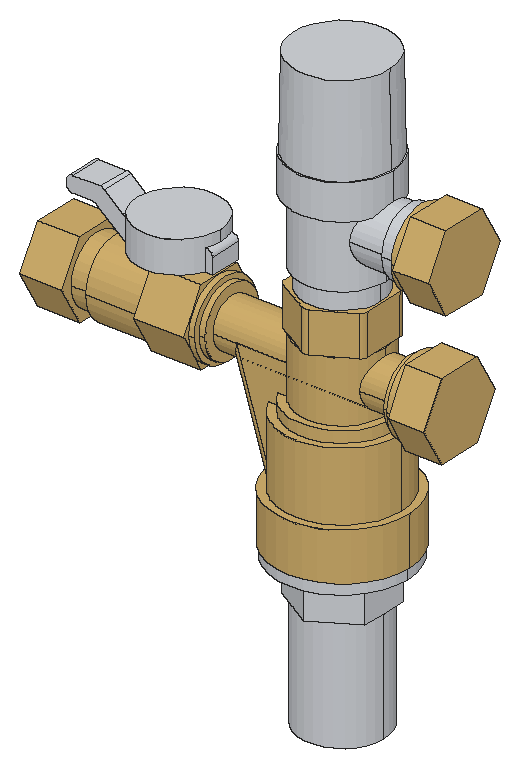
Revit family
Parameters (values of type "KHN3.206")
  URL = "http://www.autospec.co.za/browse.php?id=1644179288"
  Radius of Pipe = Diameter of Pipe / 2  # 7.5 mm
  Product Code = "KHN3.206"
  Pressure Rating = 600 kPa
  OmniClass Title = ""
  OmniClass Number = ""
  Modspec Classification = ""
  Specification = ""
  Location (revit room) = ""
  Model = "Pressure Control Multi Valve KHN3.206"
  Manufacturer = "Kwikot"  # constant formula
  Material = DZR Brass
  Diameter of Pipe = 15 mm
  Colour = none
  Body Finish = none
  Assembly Code = "D2090800"
Reference planes
  plane 1 "Center (Front/Back)": y = 0
  plane 2: z = 0
  plane 3 "Center (Left/Right)": x = 0
  plane 4: z = -100
  plane 5: z = 88
  plane 6: z = -65
  plane 7: x = 13
  plane 8: x = -13
  plane 9: z = -49.4
  plane 10: z = -34.4
  plane 11: z = -52.865
  plane 12: z = -12.9
  plane 13: z = -9.4
  plane 14: z = 9.6
  plane 15: z = 22.1
  plane 16: z = 28.1
  plane 17: z = 49
  plane 18: z = 60
  plane 19: x = 21.5
  plane 20: x = -34.5
  plane 21: x = 36.5
  plane 22: x = -54
  plane 23: x = 23.5
  plane 24: x = 25.5
  plane 25: x = -36.5
  plane 26: x = -38.5
  plane 27: z = 42
  plane 28: x = 38
  plane 29: x = 27
  plane 30: x = -70.5
  plane 31: x = -76.5
  plane 32: x = -89.5
  plane 33: x = -51
  plane 34: x = -26.5
Forms (mm)
  Extrusion 1, solid, detail levels fine
    sketch origin (-440, -1524, -100) x (-1, 0, 0) y (0, -1, 0)
      loop
        circle (-440, -1524) r 13
    from 0 to 35
  Extrusion 2, solid, detail levels fine
    sketch origin (-440, -1524, -65) x (-1, 0, 0) y (0, -1, 0)
      loop
        line (-453, -1531.506) -> (-440, -1539.011) -> (-427, -1531.506) -> (-427, -1516.494) -> (-440, -1508.989) -> (-453, -1516.494) -> (-453, -1531.506)
    from 0 to 12.135
  Extrusion 3, solid, detail levels fine
    sketch origin (-20.969, -1524, -52.865) x (-1, 0, 0) y (0, -1, 0)
      loop
        circle (-20.969, -1524) r 20.5
    from 0 to 3.465
  Extrusion 4, solid, material "DZR Brass" <- "Material", detail levels fine
    sketch origin (-165.612, -1524, -49.4) x (-1, 0, 0) y (0, -1, 0)
      loop
        circle (-165.612, -1524) r 21
    from 0 to 15
  Extrusion 5, solid, material "DZR Brass" <- "Material", detail levels fine
    sketch origin (0, 0, 0) x (0, 1, 0) y (0, 0, 1)
      loop
        circle (0, 0) r 7.5
    from 21.5 to -34.5
  Extrusion 6, solid, material "DZR Brass" <- "Material", detail levels fine
    sketch origin (-165.612, -1524, -34.4) x (-1, 0, 0) y (0, -1, 0)
      loop
        circle (-165.612, -1524) r 18.5
    from 0 to 21.5
  Extrusion 7, solid, material "DZR Brass" <- "Material", detail levels fine
    sketch origin (-60.699, -1524, -12.9) x (-1, 0, 0) y (0, -1, 0)
      loop
        circle (-60.699, -1524) r 16
    from 0 to 3.5
  Extrusion 8, solid, material "DZR Brass" <- "Material", detail levels fine
    sketch origin (-60.699, -1524, -9.4) x (-1, 0, 0) y (0, -1, 0)
      loop
        circle (-60.699, -1524) r 13.5
    from 0 to 19
  Blend 9, solid, material "DZR Brass" <- "Material", detail levels fine
    base sketch origin (-60.699, -1524, -9.4) x (-1, 0, 0) y (0, -1, 0)
      loop
        arc (-33.817, -1531.5) -> (-32.08, -1530.945) -> (-30.984, -1529.487) r 3
        arc (-30.984, -1529.487) -> (-29.942, -1523.968) -> (-31.003, -1518.452) r 15
        arc (-31.003, -1518.452) -> (-32.103, -1517.036) -> (-33.814, -1516.5) r 3
        line (-33.814, -1516.5) -> (-55.873, -1516.5) -> (-55.873, -1531.5) -> (-33.817, -1531.5)
    top sketch origin (-60.699, -1524, -9.4) x (-1, 0, 0) y (0, -1, 0)
      loop
        line (-55.873, -1531.5) -> (-44.824, -1531.5)
        arc (-44.824, -1531.5) -> (-43.015, -1530.893) -> (-41.938, -1529.318) r 3
        arc (-41.938, -1529.318) -> (-41.199, -1524) -> (-41.938, -1518.682) r 19.5
        arc (-41.938, -1518.682) -> (-43.015, -1517.107) -> (-44.824, -1516.5) r 3
        line (-44.824, -1516.5) -> (-55.873, -1516.5) -> (-55.873, -1531.5)
    from 9.4 to -25.5
  Extrusion 10, solid, material "DZR Brass" <- "Material", detail levels fine
    sketch origin (-60.699, -1524, 9.6) x (-1, 0, 0) y (0, -1, 0)
      loop
        line (-72.699, -1532.083) -> (-61.699, -1538.434)
        arc (-61.699, -1538.434) -> (-60.699, -1538.702) -> (-59.699, -1538.434) r 2
        line (-59.699, -1538.434) -> (-48.699, -1532.083)
        arc (-48.699, -1532.083) -> (-47.967, -1531.351) -> (-47.699, -1530.351) r 2
        line (-47.699, -1530.351) -> (-47.699, -1517.649)
        arc (-47.699, -1517.649) -> (-47.967, -1516.649) -> (-48.699, -1515.917) r 2
        line (-48.699, -1515.917) -> (-59.699, -1509.566)
        arc (-59.699, -1509.566) -> (-60.699, -1509.298) -> (-61.699, -1509.566) r 2
        line (-61.699, -1509.566) -> (-72.699, -1515.917)
        arc (-72.699, -1515.917) -> (-73.431, -1516.649) -> (-73.699, -1517.649) r 2
        line (-73.699, -1517.649) -> (-73.699, -1530.351)
        arc (-73.699, -1530.351) -> (-73.431, -1531.351) -> (-72.699, -1532.083) r 2
    from 0 to 12.5
  Extrusion 11, solid, detail levels fine
    sketch origin (-60.699, -1524, 22.1) x (-1, 0, 0) y (0, -1, 0)
      loop
        circle (-60.699, -1524) r 12.2
    from 0 to 6
  Extrusion 12, solid, detail levels fine
    sketch origin (-60.699, -1524, 28.1) x (-1, 0, 0) y (0, -1, 0)
      loop
        circle (-60.699, -1524) r 13.5
    from 0 to 20.9
  Extrusion 13, solid, detail levels fine
    sketch origin (-60.699, -1524, 49) x (-1, 0, 0) y (0, -1, 0)
      loop
        circle (-60.699, -1524) r 16
    from 0 to 11
  Blend 14, solid, detail levels fine
    base sketch origin (-60.699, -1524, 60) x (-1, 0, 0) y (0, -1, 0)
      loop
        circle (-60.699, -1524) r 15.5
    top sketch origin (-60.699, -1524, 60) x (-1, 0, 0) y (0, -1, 0)
      loop
        circle (-60.699, -1524) r 15
    from 0 to 28
  Extrusion 15, solid, material "DZR Brass" <- "Material", detail levels fine
    sketch origin (21.5, -1524, -21.263) x (0, 0, -1) y (0, -1, 0)
      loop
        circle (-21.263, -1524) r 10.5
    from 0 to -2
  Extrusion 16, solid, material "DZR Brass" <- "Material", detail levels fine
    sketch origin (-34.5, -1524, -21.263) x (0, 0, -1) y (0, -1, 0)
      loop
        circle (-21.263, -1524) r 10.5
    from 0 to 2
  Extrusion 17, solid, material "DZR Brass" <- "Material", detail levels fine
    sketch origin (21.5, -1524, -21.263) x (0, 0, -1) y (0, -1, 0)
      loop
        circle (-21.263, -1524) r 12
    from -2 to -4
  Extrusion 18, solid, material "DZR Brass" <- "Material", detail levels fine
    sketch origin (-34.5, -1524, -21.263) x (0, 0, -1) y (0, -1, 0)
      loop
        circle (-21.263, -1524) r 12
    from 2 to 4
  Extrusion 19, solid, material "DZR Brass" <- "Material", detail levels fine
    sketch origin (25.5, -1524, -21.263) x (0, 0, -1) y (0, -1, 0)
      loop
        line (-9.263, -1517.072) -> (-21.263, -1510.144) -> (-33.263, -1517.072) -> (-33.263, -1530.928) -> (-21.263, -1537.856) -> (-9.263, -1530.928) -> (-9.263, -1517.072)
    from 0 to -11
  Extrusion 20, solid, material "DZR Brass" <- "Material", detail levels fine
    sketch origin (-38.5, -1524, -21.263) x (0, 0, -1) y (0, -1, 0)
      loop
        line (-33.263, -1517.072) -> (-33.263, -1530.928) -> (-21.263, -1537.856) -> (-9.263, -1530.928) -> (-9.263, -1517.072) -> (-21.263, -1510.144) -> (-33.263, -1517.072)
    from 0 to 15.5
  Extrusion 21, solid, detail levels fine
    sketch origin (0, 0, 0) x (0, 1, 0) y (0, 0, 1)
      loop
        circle (0, 42) r 9.5
    from 0 to 20.8
  Extrusion 22, solid, detail levels fine
    sketch origin (0, 0, 0) x (0, 1, 0) y (0, 0, 1)
      loop
        circle (0, 42) r 10.45
    from 20.8 to 25
  Extrusion 23, solid, material "DZR Brass" <- "Material", detail levels fine
    sketch origin (0, 0, 0) x (0, 1, 0) y (0, 0, 1)
      loop
        circle (0, 42) r 12
    from 25 to 27
  Extrusion 24, solid, material "DZR Brass" <- "Material", detail levels fine
    sketch origin (38, -1524, 66.867) x (0, 0, 1) y (0, -1, 0)
      loop
        line (-12.867, -1517.072) -> (-24.867, -1510.144) -> (-36.867, -1517.072) -> (-36.867, -1530.928) -> (-24.867, -1537.856) -> (-12.867, -1530.928) -> (-12.867, -1517.072)
    from 0 to -11
  Extrusion 25, solid, material "DZR Brass" <- "Material", detail levels fine
    sketch origin (-54, -1524, -24.693) x (0, 0, -1) y (0, -1, 0)
      loop
        circle (-24.693, -1524) r 12
    from 0 to 16.5
  Extrusion 26, solid, material "DZR Brass" <- "Material", detail levels fine
    sketch origin (-70.5, -1524, -24.693) x (0, 0, -1) y (0, -1, 0)
      loop
        circle (-24.693, -1524) r 10.5
    from 0 to 6
  Extrusion 27, solid, material "DZR Brass" <- "Material", detail levels fine
    sketch origin (-76.5, -1524, -152.224) x (0, 0, -1) y (0, -1, 0)
      loop
        line (-164.224, -1530.928) -> (-152.224, -1537.856) -> (-140.224, -1530.928) -> (-140.224, -1517.072) -> (-152.224, -1510.144) -> (-164.224, -1517.072) -> (-164.224, -1530.928)
    from 0 to 13
  Extrusion 28, solid, material "DZR Brass", detail levels fine
    sketch origin (0, 0, 0) x (1, 0, 0) y (0, 1, 0)
      loop
        circle (-51, 0) r 8.25
    from 12 to 14.461
  Extrusion 29, solid, detail levels fine
    sketch origin (0, 0, 0) x (1, 0, 0) y (0, 1, 0)
      loop
        circle (-51, 0) r 13
    from 14.461 to 24.5
  Extrusion 30, solid, detail levels fine
    sketch origin (0, 0, 0) x (1, 0, 0) y (0, 0, 1)
      loop
        line (-38.5, 21.385) -> (-63.155, 21.385)
        arc (-63.155, 21.385) -> (-63.841, 21.506) -> (-64.443, 21.855) r 2
        line (-64.443, 21.855) -> (-70.117, 26.63)
        arc (-70.117, 26.63) -> (-70.719, 26.979) -> (-71.405, 27.1) r 2
        line (-71.405, 27.1) -> (-80.111, 27.1)
        arc (-80.111, 27.1) -> (-81.525, 26.514) -> (-82.111, 25.1) r 2
        line (-82.111, 25.1) -> (-82.111, 24.1)
        arc (-82.111, 24.1) -> (-81.525, 22.686) -> (-80.111, 22.1) r 2
        line (-80.111, 22.1) -> (-73.806, 22.1)
        arc (-73.806, 22.1) -> (-73.12, 21.979) -> (-72.518, 21.63) r 2
        line (-72.518, 21.63) -> (-64, 14.461) -> (-36.5, 14.461) -> (-36.5, 19.385)
        arc (-36.5, 19.385) -> (-37.086, 20.799) -> (-38.5, 21.385) r 2
    from -5 to 5
Cuts and joins
  joined: Extrusion 11, Extrusion 12, Extrusion 13, Blend 14, Extrusion 21, Extrusion 22
  joined: Extrusion 1, Extrusion 2, Extrusion 3
  joined: Extrusion 5, Extrusion 10, Extrusion 15, Extrusion 16, Extrusion 17, Extrusion 18, Extrusion 19, Extrusion 20, Extrusion 25, Extrusion 26, Extrusion 27
  joined: Extrusion 4, Extrusion 6, Extrusion 7, Extrusion 8, Blend 9
  joined: Extrusion 23, Extrusion 24
Lines and regions (mm)
  model lines
    curve 1: line (-26.5, 0, 0) -> (-26.5, 40, 0)
    curve 2: line (-41.5, 40, 0) -> (-11.5, 40, 0)
    curve 3: line (17.5, 0, 0) -> (36.5, 0, 0)
    curve 4: line (-70.5, 0, 0) -> (-89.5, 0, 0)
    curve 5: arc (-41.5, 40, 0) -> (-26.5, 46.771, 0) -> (-11.5, 40, 0) r 20
    curve 6: line (-26.5, 46.771, 0) -> (-26.5, 61.771, 0)
    curve 7: line (-26.5, 61.771, 0) -> (24.587, 61.771, 0)
    curve 8: line (24.587, 61.771, 0) -> (24.587, 0, 0)
    curve 9: line (-70.5, -13.856, 0) -> (-70.5, 13.856, 0)
    curve 10: line (-70.5, 13.856, 0) -> (17.5, -13.856, 0)
    curve 11: line (-70.5, -13.856, 0) -> (17.5, 13.856, 0)
    curve 12: line (17.5, 13.856, 0) -> (17.5, -13.856, 0)
Dimensions and locks
  level to plane 4 = 100 mm
  plane 6 to plane 4 = 35 mm
  plane 8 to plane 7 = 26 mm
  plane 3 "Center (Left/Right)" to plane 19 = 21.5 mm
  plane 20 to plane 19 = 56 mm
  plane 3 "Center (Left/Right)" to plane 21 = 36.5 mm
  plane 22 to plane 3 "Center (Left/Right)" = 54 mm
  plane 27 to plane 2 = 42 mm
  plane 28 to plane 3 "Center (Left/Right)" = 38 mm
  plane 28 to plane 29 = 11 mm
  plane 29 to plane 3 "Center (Left/Right)" = 27 mm
  plane 5 to level = 88 mm
  plane 3 "Center (Left/Right)" to plane 33 = 51 mm
  equal spacing: Blend 9 sketch curve, plane 1 "Center (Front/Back)", Blend 9 sketch curve
  "Radius of Pipe": plane 1 "Center (Front/Back)" to Blend 9 sketch curve
  plane 20 to Blend 9 sketch curve = 3.743 mm
  plane 20 to Blend 9 sketch curve = 15 mm
  radius of Extrusion 1 sketch curve = 13 mm
  "Radius of Pipe": radius of Extrusion 5 sketch curve
  radius of Extrusion 21 sketch curve = 9.5 mm
  radius of Extrusion 23 sketch curve = 12 mm
  radius of Extrusion 22 sketch curve = 10.45 mm
  radius of Extrusion 28 sketch curve = 8.25 mm
  radius of Blend 9 sketch curve = 15 mm
  radius of Blend 9 sketch curve = 3 mm  (x4)
  radius of Blend 9 sketch curve = 19.5 mm
  aligned and locked: level to plane 2
  aligned and locked: plane 6 to Extrusion 1
  aligned and locked: Extrusion 1 to plane 4
  aligned and locked: plane 11 to Extrusion 2
  aligned and locked: Extrusion 2 to plane 6
  aligned and locked: plane 9 to Extrusion 3
  aligned and locked: Extrusion 3 to Extrusion 2
  aligned and locked: plane 10 to Extrusion 4
  aligned and locked: Extrusion 4 to plane 9
  aligned and locked: plane 12 to Extrusion 6
  aligned and locked: Extrusion 6 to plane 10
  aligned and locked: plane 13 to Extrusion 7
  aligned and locked: Extrusion 7 to plane 12
  aligned and locked: plane 14 to Extrusion 8
  aligned and locked: Extrusion 8 to Extrusion 7
  aligned and locked: plane 15 to Extrusion 10
  aligned and locked: Extrusion 10 to Extrusion 8
  aligned and locked: plane 16 to Extrusion 11
  aligned and locked: Extrusion 11 to plane 15
  aligned and locked: plane 17 to Extrusion 12
  aligned and locked: Extrusion 12 to plane 16
  aligned and locked: plane 18 to Extrusion 13
  aligned and locked: Extrusion 13 to plane 17
  aligned and locked: plane 5 to Blend 14
  aligned and locked: Blend 14 to plane 18
  aligned and locked: plane 20 to Extrusion 5
  aligned and locked: Extrusion 5 to plane 19
  aligned: Extrusion 16 sketch curve to Extrusion 15
  aligned and locked: Extrusion 16 sketch curve to Extrusion 15
  aligned and locked: Extrusion 17 to Extrusion 15
  aligned: Extrusion 18 sketch curve to Extrusion 17
  aligned and locked: Extrusion 18 sketch curve to Extrusion 17
  aligned and locked: Extrusion 15 to plane 23
  aligned and locked: plane 23 to Extrusion 17
  aligned and locked: Extrusion 17 to plane 24
  aligned and locked: plane 25 to Extrusion 16
  aligned and locked: Extrusion 18 to Extrusion 16
  aligned and locked: plane 26 to Extrusion 18
  aligned and locked: Extrusion 19 to Extrusion 17
  aligned and locked: Extrusion 19 to plane 21
  aligned and locked: plane 22 to Extrusion 20
  aligned and locked: Extrusion 20 to Extrusion 18
  aligned and locked: plane 1 "Center (Front/Back)" to Extrusion 21 sketch curve
  aligned and locked: plane 27 to Extrusion 21 sketch curve
  aligned and locked: plane 27 to Extrusion 22 sketch curve
  aligned and locked: plane 1 "Center (Front/Back)" to Extrusion 22 sketch curve
  aligned and locked: plane 27 to Extrusion 23 sketch curve
  aligned and locked: plane 1 "Center (Front/Back)" to Extrusion 23 sketch curve
  aligned and locked: plane 29 to Extrusion 23
  aligned and locked: plane 28 to Extrusion 24
  aligned and locked: Extrusion 24 to plane 29
  aligned and locked: Extrusion 25 sketch curve to cut or joined group 1 (Extrusion 5, Extrusion 10, Extrusion 15, Extrusion 16, Extrusion 17, Extrusion 18, Extrusion 19, Extrusion 20, Extrusion 25, Extrusion 26, Extrusion 27)  (x2)
  aligned and locked: plane 30 to Extrusion 25
  aligned and locked: Extrusion 25 to plane 22
  aligned and locked: Extrusion 26 sketch curve to cut or joined group 1  (x2)
  aligned and locked: Extrusion 27 to plane 31
  aligned and locked: plane 32 to Extrusion 27
  aligned and locked: Extrusion 26 to plane 30
  aligned and locked: plane 31 to Extrusion 26
  aligned and locked: Extrusion 25 to Extrusion 26
  aligned and locked: Extrusion 25 to cut or joined group 1
  aligned and locked: plane 33 to Extrusion 28 sketch curve
  aligned and locked: plane 1 "Center (Front/Back)" to Extrusion 28 sketch curve
  aligned and locked: Extrusion 28 to cut or joined group 1
  aligned and locked: plane 33 to Extrusion 29 sketch curve
  aligned and locked: plane 1 "Center (Front/Back)" to Extrusion 29 sketch curve
  aligned and locked: Extrusion 29 to Extrusion 28
  aligned and locked: Extrusion 30 sketch curve to Extrusion 29
  aligned and locked: Blend 9 sketch curve to var sketch  (x2)
  aligned and locked: var sketch to Blend 9 sketch curve
Automatic sketch dimensions
  plane 1 "Center (Front/Back)" to Extrusion 1 sketch curve = 0 mm
  Extrusion 1 sketch curve to plane 3 "Center (Left/Right)" = 0 mm
  Extrusion 2 sketch curve to plane 7 = 0 mm
  Extrusion 2 sketch curve to plane 3 "Center (Left/Right)" = 0 mm  (x2)
  Extrusion 2 sketch curve to plane 8 = 0 mm
  Extrusion 2 sketch curve to plane 1 "Center (Front/Back)" = 15.011 mm
  Extrusion 2 sketch curve to plane 1 "Center (Front/Back)" = 7.506 mm  (x2)
  plane 1 "Center (Front/Back)" to Extrusion 2 sketch curve = 7.506 mm  (x2)
  Extrusion 2 sketch curve to Extrusion 2 sketch curve = 7.506 mm
  plane 1 "Center (Front/Back)" to Extrusion 3 sketch curve = 0 mm
  Extrusion 3 sketch curve to plane 3 "Center (Left/Right)" = 0 mm
  plane 1 "Center (Front/Back)" to Extrusion 4 sketch curve = 0 mm
  Extrusion 4 sketch curve to plane 3 "Center (Left/Right)" = 0 mm
  Extrusion 5 sketch curve to level = 0 mm
  Extrusion 5 sketch curve to plane 1 "Center (Front/Back)" = 0 mm
  plane 1 "Center (Front/Back)" to Extrusion 6 sketch curve = 0 mm
  Extrusion 6 sketch curve to plane 3 "Center (Left/Right)" = 0 mm
  plane 1 "Center (Front/Back)" to Extrusion 7 sketch curve = 0 mm
  Extrusion 7 sketch curve to plane 3 "Center (Left/Right)" = 0 mm
  plane 1 "Center (Front/Back)" to Extrusion 8 sketch curve = 0 mm
  Extrusion 8 sketch curve to plane 3 "Center (Left/Right)" = 0 mm
  Extrusion 10 sketch curve to plane 7 = 0 mm
  Extrusion 10 sketch curve to plane 3 "Center (Left/Right)" = 0 mm  (x2)
  Extrusion 10 sketch curve to plane 8 = 0 mm
  plane 7 to Extrusion 10 sketch curve = 1 mm  (x2)
  Extrusion 10 sketch curve to Extrusion 10 sketch curve = 2 mm  (x2)
  plane 3 "Center (Left/Right)" to Extrusion 10 sketch curve = 1 mm  (x2)
  Extrusion 10 sketch curve to plane 3 "Center (Left/Right)" = 1 mm  (x2)
  Extrusion 10 sketch curve to plane 8 = 2 mm  (x2)
  Extrusion 10 sketch curve to plane 8 = 1 mm  (x2)
  Extrusion 10 sketch curve to plane 1 "Center (Front/Back)" = 14.434 mm
  Extrusion 10 sketch curve to Extrusion 10 sketch curve = 1.732 mm  (x2)
  Extrusion 10 sketch curve to plane 1 "Center (Front/Back)" = 8.083 mm  (x2)
  plane 1 "Center (Front/Back)" to Extrusion 10 sketch curve = 6.351 mm  (x2)
  Extrusion 10 sketch curve to Extrusion 10 sketch curve = 6.351 mm
  plane 1 "Center (Front/Back)" to Extrusion 11 sketch curve = 0 mm
  Extrusion 11 sketch curve to plane 3 "Center (Left/Right)" = 0 mm
  plane 1 "Center (Front/Back)" to Extrusion 12 sketch curve = 0 mm
  Extrusion 12 sketch curve to plane 3 "Center (Left/Right)" = 0 mm
  plane 1 "Center (Front/Back)" to Extrusion 13 sketch curve = 0 mm
  Extrusion 13 sketch curve to plane 3 "Center (Left/Right)" = 0 mm
  plane 1 "Center (Front/Back)" to Blend 14 sketch curve = 0 mm  (x2)
  Blend 14 sketch curve to plane 3 "Center (Left/Right)" = 0 mm  (x2)
  Extrusion 15 sketch curve to level = 0 mm
  Extrusion 15 sketch curve to plane 1 "Center (Front/Back)" = 0 mm
  Extrusion 17 sketch curve to level = 0 mm
  Extrusion 17 sketch curve to plane 1 "Center (Front/Back)" = 0 mm
  Extrusion 19 sketch curve to level = 0 mm  (x2)
  plane 14 to Extrusion 19 sketch curve = 2.4 mm
  plane 12 to Extrusion 19 sketch curve = 0.9 mm
  Extrusion 19 sketch curve to plane 1 "Center (Front/Back)" = 13.856 mm
  Extrusion 19 sketch curve to plane 1 "Center (Front/Back)" = 6.928 mm  (x2)
  plane 1 "Center (Front/Back)" to Extrusion 19 sketch curve = 6.928 mm  (x2)
  plane 1 "Center (Front/Back)" to Extrusion 19 sketch curve = 13.856 mm
  Extrusion 20 sketch curve to level = 0 mm  (x2)
  plane 14 to Extrusion 20 sketch curve = 2.4 mm
  plane 12 to Extrusion 20 sketch curve = 0.9 mm
  Extrusion 20 sketch curve to plane 1 "Center (Front/Back)" = 13.856 mm
  Extrusion 20 sketch curve to plane 1 "Center (Front/Back)" = 6.928 mm  (x2)
  plane 1 "Center (Front/Back)" to Extrusion 20 sketch curve = 6.928 mm  (x2)
  Extrusion 20 sketch curve to Extrusion 20 sketch curve = 6.928 mm
  Extrusion 30 sketch curve to plane 15 = 0 mm
  plane 26 to Extrusion 30 sketch curve = 0 mm
  plane 25 to Extrusion 30 sketch curve = 0 mm
  Extrusion 30 sketch curve to plane 15 = 0.715 mm
  Extrusion 30 sketch curve to plane 30 = 7.345 mm
  Extrusion 30 sketch curve to plane 30 = 6.5 mm
  Extrusion 30 sketch curve to plane 15 = 0.245 mm
  Extrusion 30 sketch curve to Extrusion 30 sketch curve = 1.288 mm  (x2)
  Extrusion 30 sketch curve to plane 30 = 0.383 mm
  plane 30 to Extrusion 30 sketch curve = 0.905 mm
  Extrusion 30 sketch curve to plane 15 = 0.47 mm
  plane 30 to Extrusion 30 sketch curve = 2.018 mm
  plane 31 to Extrusion 30 sketch curve = 3.611 mm  (x2)
  Extrusion 30 sketch curve to plane 16 = 1 mm
  Extrusion 30 sketch curve to Extrusion 30 sketch curve = 2 mm  (x2)
  Blend 9 sketch curve to plane 3 "Center (Left/Right)" = 4.825 mm
  plane 34 to Blend 9 sketch curve = 0.381 mm
  plane 34 to Blend 9 sketch curve = 0.385 mm
  plane 1 "Center (Front/Back)" to Blend 9 sketch curve = 0.007 mm
  plane 1 "Center (Front/Back)" to Blend 9 sketch curve = 0 mm
  Blend 9 sketch curve to Blend 9 sketch curve = 0 mm  (x2)
  curve 4 to plane 1 "Center (Front/Back)" = 0 mm
  curve 4 to plane 32 = 0 mm
  curve 4 to plane 30 = 0 mm
  curve 5 to plane 34 = 0 mm
  plane 1 "Center (Front/Back)" to curve 1 = 0 mm
  curve 1 to plane 34 = 0 mm
  curve 6 to plane 34 = 0 mm
  plane 1 "Center (Front/Back)" to curve 3 = 0 mm
  curve 3 to plane 21 = 0 mm
  plane 26 to curve 5 = 3 mm
  plane 19 to curve 11 = 4 mm
  curve 8 to plane 29 = 2.413 mm
  curve 12 to curve 3 = 13.856 mm
  curve 9 to curve 4 = 13.856 mm
  curve 10 to plane 1 "Center (Front/Back)" = 13.856 mm
  curve 5 to plane 1 "Center (Front/Back)" = 26.771 mm
  curve 5 to curve 2 = 13.229 mm
  curve 6 to curve 7 = 15 mm
  radius of Extrusion 3 sketch curve = 20.5 mm
  radius of Extrusion 4 sketch curve = 21 mm
  radius of Extrusion 6 sketch curve = 18.5 mm
  radius of Extrusion 7 sketch curve = 16 mm
  radius of Extrusion 8 sketch curve = 13.5 mm
  radius of Extrusion 11 sketch curve = 12.2 mm
  radius of Extrusion 12 sketch curve = 13.5 mm
  radius of Extrusion 13 sketch curve = 16 mm
  radius of Blend 14 sketch curve = 15.5 mm
  radius of Blend 14 sketch curve = 15 mm
  radius of Extrusion 15 sketch curve = 10.5 mm
  radius of Extrusion 17 sketch curve = 12 mm
  radius of Extrusion 29 sketch curve = 13 mm
Connectors
  piping at (36.5, 0, 0), driven by "Radius of Pipe", driven by "Pressure Rating"
    settings: on Extrusion 19, index 2, connector radius 7.5 mm, flow factor 0, pipe flow 0.0 L/s, pressure drop 600 kPa, fitting loss kfactor 0, connector angle 0.00°, fixture units 0, flow configuration 0, flow direction 2, fitting loss method 0, system type 29, connector reference index 3, connector utility 0, adjustable connector yes, is connector primary no, fitting loss table "", connector description "Pipe Connector"
  piping at (-89.5, 0, 0), driven by "Radius of Pipe"
    settings: on cut or joined group 1, index 3, connector radius 7.5 mm, flow factor 0, pipe flow 0.0 L/s, pressure drop 0 kPa, fitting loss kfactor 0, connector angle 0.00°, fixture units 0, flow configuration 0, flow direction 1, fitting loss method 0, system type 29, connector reference index 2, connector utility 0, adjustable connector yes, is connector primary yes, fitting loss table "", connector description "Pipe Connector"
  piping at (38, 0, 42), driven by "Radius of Pipe"
    settings: on cut or joined group of Extrusion 23, Extrusion 24, index 4, connector radius 7.5 mm, flow factor 0, pipe flow 0.0 L/s, pressure drop 0 kPa, fitting loss kfactor 0, connector angle 0.00°, fixture units 0, flow configuration 0, flow direction 2, fitting loss method 0, system type 29, connector reference index -1, connector utility 0, adjustable connector yes, is connector primary no, fitting loss table "", connector description "Pipe Connector"
